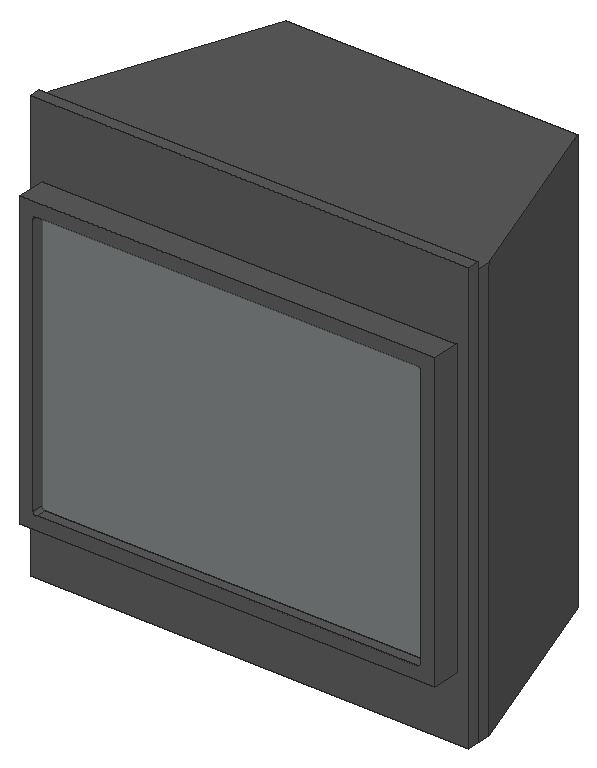
Revit family "H38VFO-HL38VFO", category Generic Models, Revit 2019
Family settings
  Can host rebar = No
  Round Connector Dimension = Use Diameter
  Part Type = Normal
  Work Plane-Based = No
  Always vertical = Yes
  Cut with Voids When Loaded = No
  Shared = No
  Room Calculation Point = No
Parameters
  Width = 12 5/16"
  URL = "https://www.montigo.com/"
  Model = ""
  Manufacturer Fax = ""
  Manufacturer Website = "https://www.montigo.com/"
  Manufacturer Phone - Toll Free = "800-378-3115"
  Manufacturer Phone = ""
  Manufacturer Address = "27342 Gloucester Way  Langley, BC, Canada   V4W 4A1"
  Manufacturer = "Montigo"
  Length = 53 7/16"
  Keynote = ""
  Glazing Tint = Glass - Montigo - Tint as Specified
  Frame Material = Metal - Montigo - Black
  Firebox Material = Metal - Montigo - White
  Fire Place Length = 50 5/16"
  Fire Place Height = 24 1/2"
  Fire Place - Opening = 16 9/16"
  Description = "Montigo Fireplace as Specified"
  Base Height = 6 9/16"
Reference planes (in)
  plane 1 "Center (Front/Back)": y = 0
  plane 2: z = 0
  plane 3 "Center (Left/Right)": x = 0
Forms (in)
  Extrusion 1, solid, material "Metal - Montigo - Black" <- "Frame Material"
    sketch origin (0, 0, 0) x (1, 0, 0) y (0, 1, 0)
      loop
        line (-18.625, 1.19458) -> (-18.625, 0) -> (18.625, 0) -> (18.625, 1.19458) -> (12.36707, 18.3881) -> (-12.36707, 18.3881) -> (-18.625, 1.19458)
    from 0 to 36
  Extrusion 2, solid, material "Metal - Montigo - Black" <- "Frame Material"
    sketch origin (0, 0, 0) x (1, 0, 0) y (0, 1, 0)
      loop
        line (-18.625, 0) -> (-18.625, -0.934) -> (18.625, -0.934) -> (18.625, 0) -> (-18.625, 0)
    from 0 to 36.5625
  Extrusion 3, solid, material "Metal - Montigo - Black" <- "Frame Material"
    sketch origin (0, -0.934, 0) x (1, 0, 0) y (0, 1, 0)
      loop
        line (-17.59375, 0) -> (-17.59375, -2.392) -> (17.59375, -2.392) -> (17.59375, 0) -> (-17.59375, 0)
    from 5.375 to 30.375
  Extrusion 4, void
    sketch origin (42.25, -6.6875, 0) x (-1, 0, 0) y (0, 0, -1)
      loop
        line (58.71893, -28.97518) -> (58.71893, -6.77482)
        arc (58.71893, -6.77482) -> (58.63818, -6.58017) -> (58.44336, -6.49982) r 0.275
        line (58.44336, -6.49982) -> (26.05586, -6.49982)
        arc (26.05586, -6.49982) -> (25.86177, -6.58057) -> (25.78143, -6.77482) r 0.275
        line (25.78143, -6.77482) -> (25.78143, -28.97518)
        arc (25.78143, -28.97518) -> (25.86221, -29.16987) -> (26.0571, -29.25018) r 0.275
        line (26.0571, -29.25018) -> (58.44326, -29.25018)
        arc (58.44326, -29.25018) -> (58.63815, -29.16987) -> (58.71893, -28.97518) r 0.275
    from -4.2418 to 12
Cuts and joins
  Extrusion 4 cuts Extrusion 3
Lines and regions (in)
  symbolic lines
    curve 1: line (-18.625, 0, 0) -> (18.625, 0, 0)
Dimensions and locks (in)
  Extrusion 1 to Extrusion 1 = 37 1/4"
  Extrusion 1 to Extrusion 1 = 18.3881"
  Extrusion 1 to Extrusion 2 = 19.3221"
  Extrusion 2 to cut or joined group of Extrusion 3, Extrusion 4 to cut or joined group of Extrusion 3, Extrusion 4 = 6 3/16", 25"
  cut or joined group of Extrusion 3, Extrusion 4 to cut or joined group of Extrusion 3, Extrusion 4 = 35 3/16"
  aligned and locked: level to plane 2
